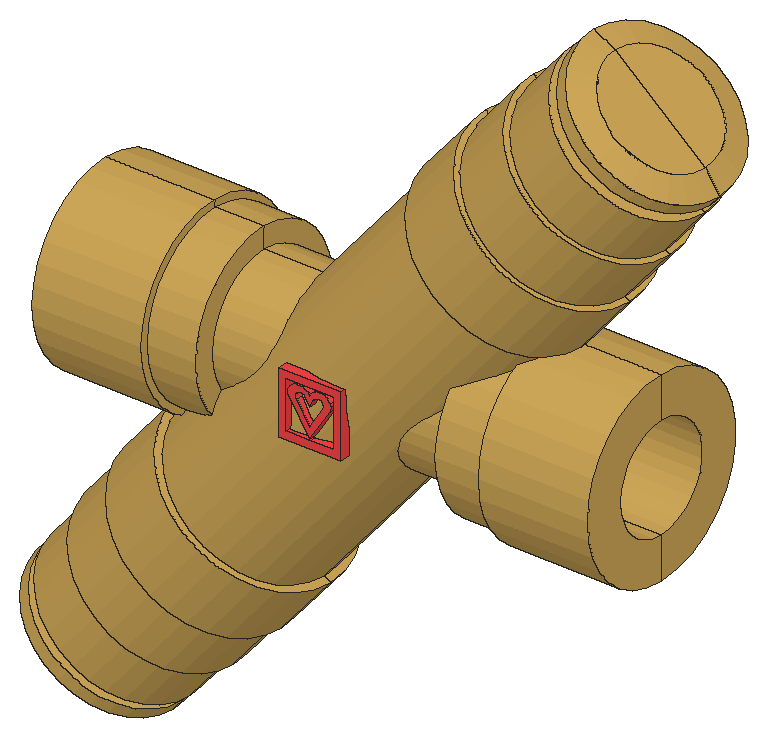
Revit family "Ограничитель температуры воды 4011", category Rohrzubehör, Revit 2019
Family settings
  Bemaßung runder Anschluss = Durchmesser verwenden
  Teiletyp = Unterbricht
  OmniClass-Nummer = 23.65.55.14
  OmniClass-Titel = Valves for Liquid Services
  Arbeitsebenenbasiert = Nein
  Immer vertikal = Ja
  Beim Laden mit Abzugskörper schneiden = Nein
  Gemeinsam genutzt = Nein
Parameters (values of type "Заводская настройка 52 и 70 °C")
  Уплотнение = "EPDM"  # constant formula
  Среда = "Питьевая вода"  # constant formula
  Примечание = "В соответствии со статьей 33 Регламента REACH (Registration; Evaluation; Authorisation; Restriction of Chemicals) (EC № 1907/2006) мы обязаны указать, что свинец внесен в список SVHC (Substances of Very High Concern - вещества очень высокой важности) и весовой процент свинца во всех латунных компонентах заводского изготовления в наших изделиях, превышает 0,1 % (w/w) (CAS: 7439-92-1 / EINECS: 231-100-4).\r\nПоскольку свинец является легирующим компонентом сплава, прямое негативное влияние исключается, и поэтому дополнительной информации о безопасном использовании не требуется."
  Номер заказа [instance] = if(and([52_70], Nennweite = 15.000 mm), 2401101, if(and([52_70], Nennweite = 20.000 mm), 2401102, if(and([55_70], Nennweite = 15.000 mm), 2401111, if(and([55_70], Nennweite = 20.000 mm), 2401112, if(and([58_70], Nennweite = 15.000 mm), 2401117, if(and([58_70], Nennweite = 20.000 mm), 2401118, 0))))))  # 2401101
  Макс. рабочее давление = 1000000.0 Pa  # constant formula
  Макс. рабочая температура = 80 °C  # constant formula
  Корпус = "CC770S"  # constant formula
  Исполнение = "HERZ-ограничитель температуры циркуляционного контура, наклонного исполнения, без покрытия, корпус изготовлен из латуни, устойчивой к селективной цинковой коррозии, седло, конус пружины, пружина изготовлены из нержавеющей хромоникелевой стали.\r\nУплотнительные кольца O-Ring изготовлены из EPDM, гигиенически безопасных материалов.\r\nВнутренняя резьба в соответствии с ISO 7/1 (Rp).\r\nИсполнение с двумя термоэлементами."
  Заводская настройка температуры [instance] = if([52_70], "52 - 70°C", if([55_70], "55 - 70°C", if([58_70], "58 - 70°C", "0")))  # "52 - 70°C"
  W03 = 25.00°  # constant formula
  W02 = 15.00°  # constant formula
  W01 = 50.00°  # constant formula
  URL = "www.herz-armaturen.ru"
  Седло, конус пружины, пружина = "нержавеющая сталь"  # constant formula
  SC_NennweiteBerechnet = 0
  SC_Dimension = ""
  SCTWSEQ = "AW;SBT_TYP_AW=\"104\";2"
  SCTWCODE = "04;26;02"  # constant formula
  S06 = 40.000 mm  # constant formula
  S05 = 15.000 mm  # constant formula
  S04 = 20.000 mm  # constant formula
  S03 = 60.000 mm  # constant formula
  S02 [instance] = S01 + 5.000 mm  # 11.750 mm
  S01 [instance] = D01 / 2  # 6.750 mm
  R01 = 5.000 mm  # constant formula
  Nennweite [instance] = 15.000 mm
  L09 = 4.500 mm  # constant formula
  L08 = 1.500 mm  # constant formula
  L07 [instance] = L03 + L05 + L06  # 58.400 mm
  L06 [instance] = size_lookup("4011_0X_", "L6", 1.000 mm, Nennweite)  # 8.900 mm
  L05 [instance] = size_lookup("4011_0X_", "L5", 1.000 mm, Nennweite)  # 10.000 mm
  L04 [instance] = size_lookup("4011_0X_", "L4", 1.000 mm, Nennweite)  # 11.000 mm
  L03 [instance] = size_lookup("4011_0X_", "L3", 1.000 mm, Nennweite)  # 39.500 mm
  L02 [instance] = size_lookup("4011_0X_", "L2", 1.000 mm, Nennweite)  # 23.000 mm
  L01 [instance] = size_lookup("4011_0X_", "L1", 1.000 mm, Nennweite)  # 15.900 mm
  L00 [instance] = size_lookup("4011_0X_", "L", 1.000 mm, Nennweite)  # 81.000 mm
  IG [instance] = Nennweite / 2  # 7.500 mm
  Hersteller = "HERZ Armaturen Ges.m.b.H."  # constant formula
  GT [instance] = size_lookup("4011_0X_", "GT", 1.000 mm, Nennweite)  # 12.000 mm
  Принцип действия = "HERZ-ограничитель температуры воды циркуляционного контура представляет собой термостатический дроссельный клапан для ограничения температуры горячей воды в контуре с циркуляционным насосом, в виде пропорционального энергонезависимого регулятора прямого действия.\r\nТемпература теплоносителя циркуляционного контура подлежит регулированию и обеспечивает распределение горячей воды на несколько стояков (если таковые имеются).\r\nС целью поддержания постоянной температуры расход циркуляционной воды ограничивается до необходимого количества и, таким образом, потери в циркуляционном контуре сводятся к минимуму.\r\nДанная арматура предназначена также для кратковременного промывания для предотвращения появления легионелл.\r\nКоличество циркуляционной воды после промывания системы опять пополняется необходимым объемом.\r\nКонус буксы может открывать или закрывать седло клапана в корпусе ограничителя.\r\nПри повышении температуры конус буксы перемещается термоэлементом медленно и плавно, без толчков, в направлении «закрыто», а при понижении температуры открывается с помощью пружины навстречу термостатическому элементу.\r\nРасширяющаяся среда в середине термостатического элемента превращает изменение температуры в изменение направления.\r\nПри термической дезинфекции второй термоэлемент расширяется и посредством штифта воздействует на прикрытый клапан – горячая вода поступает в трубопровод для дезинфекции.\r\nИсходя из модели данного ограничителя, величину утечки следует учитывать из расчёта приблизительно 0,65 л/мин при перепаде давления приблизительно 10 кПа."
  Конус буксы, букса, заглушка = "CW725N"  # constant formula
  D10 = 12.000 mm  # constant formula
  D09 = 9.200 mm  # constant formula
  D08 = 8.500 mm  # constant formula
  D07 [instance] = size_lookup("4011_0X_", "D7", 1.000 mm, Nennweite)  # 13.000 mm
  D06 [instance] = size_lookup("4011_0X_", "D6", 1.000 mm, Nennweite)  # 12.200 mm
  D05 [instance] = size_lookup("4011_0X_", "D5", 1.000 mm, Nennweite)  # 12.750 mm
  D04 [instance] = size_lookup("4011_0X_", "D4", 1.000 mm, Nennweite)  # 13.750 mm
  D03 [instance] = size_lookup("4011_0X_", "D3", 1.000 mm, Nennweite)  # 9.500 mm
  D02 [instance] = size_lookup("4011_0X_", "D2", 1.000 mm, Nennweite)  # 12.500 mm
  D01 [instance] = size_lookup("4011_0X_", "D1", 1.000 mm, Nennweite)  # 13.500 mm
  58_70 = no
  55_70 = no
  52_70 = yes
Types (4, lengths in mm): name | Номер заказа | Заводская настройка температуры | S02 | S01 | Nennweite | L07 | L06 | L05 | L04 | L03 | L02 | L01 | L00 | IG | GT | D07 | D06 | D05 | D04 | D03 | D02 | D01 | 58_70 | 55_70 | 52_70
  (no name) | 2401101 | "52 - 70°C" | 11.750 | 6.750 | 15.000 | 58.400 | 8.900 | 10.000 | 11.000 | 39.500 | 23.000 | 15.900 | 81.000 | 7.500 | 12.000 | 13.000 | 12.200 | 12.750 | 13.750 | 9.500 | 12.500 | 13.500 | no | no | yes
  Заводская настройка 52 и 70 °C | 2401101 | "52 - 70°C" | 11.750 | 6.750 | 15.000 | 58.400 | 8.900 | 10.000 | 11.000 | 39.500 | 23.000 | 15.900 | 81.000 | 7.500 | 12.000 | 13.000 | 12.200 | 12.750 | 13.750 | 9.500 | 12.500 | 13.500 | no | no | yes
  Заводская настройка 55 и 70 °C | 2401112 | "55 - 70°C" | 13.000 | 8.000 | 20.000 | 60.700 | 4.500 | 6.200 | 10.000 | 50.000 | 20.500 | 17.000 | 102.000 | 10.000 | 16.300 | 15.000 | 13.500 | 15.500 | 16.500 | 13.000 | 15.000 | 16.000 | no | yes | no
  Заводская настройка 58 и 70 °C | 2401118 | "58 - 70°C" | 13.000 | 8.000 | 20.000 | 60.700 | 4.500 | 6.200 | 10.000 | 50.000 | 20.500 | 17.000 | 102.000 | 10.000 | 16.300 | 15.000 | 13.500 | 15.500 | 16.500 | 13.000 | 15.000 | 16.000 | yes | no | no
Reference planes
  plane 1 "Mitte (Vorne/hinten)": y = 0
  plane 2: z = 0
  plane 3 "Mitte (Links/rechts)": x = 0
Forms (mm)
  Revolve 1, solid, material "Messing, weicher Gelbton, geschweißt", detail levels fine
    sketch origin (0, 0, 0) x (1, 0, 0) y (0, 0, 1)
      loop
        line (-28.5, 0) -> (28.5, 0) -> (28.5, 7.5) -> (40.5, 7.5) -> (40.5, 13.5) -> (24.6, 13.5) -> (24.6, 12.5) -> (17.5, 12.5) -> (17.5, 9.5) -> (-17.5, 9.5) -> (-17.5, 12.5) -> (-24.6, 12.5) -> (-24.6, 13.5) -> (-40.5, 13.5) -> (-40.5, 7.5) -> (-28.5, 7.5) -> (-28.5, 0)
      axis (-40.5, 0) -> (40.5, 0)
    angle from 0 to 360
  Revolve 2, solid, material "Messing, weicher Gelbton, geschweißt", detail levels fine
    sketch origin (0, 0, 0) x (1, 0, 0) y (0, 0, 1)
      loop
        line (0, 0) -> (25.39, 30.259) -> (14.857, 39.097) -> (7.786, 30.671) -> (8.552, 30.028) -> (-28.087, -13.637) -> (-28.853, -12.994) -> (-35.923, -21.42) -> (-25.39, -30.259) -> (0, 0)
      axis (25.39, 30.259) -> (-25.39, -30.259)
    angle from 0 to 360
  Revolve 3, solid, material "Messing, weicher Gelbton, geschweißt", detail levels fine
    sketch origin (0, 0, 0) x (1, 0, 0) y (0, 0, 1)
      loop
        line (0, 0) -> (37.539, 44.737) -> (28.193, 52.579) -> (22.472, 45.761) -> (21.859, 46.275) -> (15.432, 38.615) -> (21.56, 33.473) -> (-29.22, -27.045) -> (-35.349, -21.903) -> (-41.777, -29.563) -> (-41.164, -30.077) -> (-46.885, -36.895) -> (-37.539, -44.737) -> (0, 0)
      axis (-37.539, -44.737) -> (37.539, 44.737)
    angle from 0 to 360
  Revolve 4, solid, material "Messing, weicher Gelbton, geschweißt", detail levels fine
    sketch origin (0, 0, 0) x (1, 0, 0) y (0, 0, 1)
      loop
        line (0, 0) -> (40.431, 48.184) -> (33.92, 53.648) -> (30.636, 55.179) -> (29.31, 53.6) -> (31.455, 51.8) -> (30.491, 50.651) -> (33.709, 47.951) -> (-41.369, -41.523) -> (-44.586, -38.823) -> (-45.551, -39.972) -> (-47.696, -38.173) -> (-49.021, -39.752) -> (-46.943, -42.721) -> (-40.431, -48.184) -> (0, 0)
      axis (-40.431, -48.184) -> (40.431, 48.184)
    angle from 0 to 360
Lines and regions (mm)
  model lines, detail levels coarse+medium
    curve 1: line (-40.5, 0, 13.5) -> (-40.5, 0, -13.5)
    curve 2: line (-40.5, 0, -13.5) -> (40.5, 0, 13.5)
    curve 3: line (40.5, 0, 13.5) -> (40.5, 0, -13.5)
    curve 4: line (40.5, 0, -13.5) -> (-40.5, 0, 13.5)
    curve 5: circle (0, 0, 0) r 6.75 normal (0, -1, 0)
    curve 6: line (0, 0, 40) -> (0, 0, 60)
    curve 7: line (-15, 0, 60) -> (15, 0, 60)
    curve 8: line (15, 0, 60) -> (15, 0, 80)
    curve 9: line (15, 0, 80) -> (-15, 0, 80)
    curve 10: line (-15, 0, 80) -> (-15, 0, 60)
    curve 11: line (0, 0, 11.75) -> (13.173, 0, 40)
    curve 12: line (0, 0, 11.75) -> (-13.173, 0, 40)
    curve 13: line (-13.173, 0, 40) -> (13.173, 0, 40)
    curve 14: line (-40.5, 13.5, 0) -> (-40.5, -13.5, 0)
    curve 15: line (-40.5, -13.5, 0) -> (40.5, 13.5, 0)
    curve 16: line (40.5, 13.5, 0) -> (40.5, -13.5, 0)
    curve 17: line (40.5, -13.5, 0) -> (-40.5, 13.5, 0)
    curve 18: circle (0, 0, 0) r 6.75 normal (0, 0, 1)
    curve 19: line (0, 40, 0) -> (0, 60, 0)
    curve 20: line (-15, 60, 0) -> (15, 60, 0)
    curve 21: line (15, 60, 0) -> (15, 80, 0)
    curve 22: line (15, 80, 0) -> (-15, 80, 0)
    curve 23: line (-15, 80, 0) -> (-15, 60, 0)
    curve 24: line (0, 11.75, 0) -> (13.173, 40, 0)
    curve 25: line (0, 11.75, 0) -> (-13.173, 40, 0)
    curve 26: line (-13.173, 40, 0) -> (13.173, 40, 0)
Dimensions and locks
  "L00": Revolve 1 sketch curve to Revolve 1 sketch curve
  equal spacing: Revolve 1 sketch curve, plane 3 "Mitte (Links/rechts)", Revolve 1 sketch curve
  "L01": Revolve 1 sketch curve to Revolve 1 sketch curve  (x2)
  "L02": Revolve 1 sketch curve to Revolve 1 sketch curve  (x2)
  "GT": Revolve 1 sketch curve to Revolve 1 sketch curve  (x2)
  "IG": Revolve 1 sketch curve to plane 2  (x2)
  "D01": Revolve 1 sketch curve to plane 2  (x2)
  "D02": Revolve 1 sketch curve to plane 2  (x2)
  "D03": Revolve 1 sketch curve to Revolve 1 sketch curve
  equal spacing: Revolve 1, Revolve 2 sketch curve, Revolve 1  (x2)
  "L03": Revolve 2 sketch curve to Revolve 2 sketch curve  (x2)
  "L04": Revolve 2 sketch curve to Revolve 2 sketch curve  (x2)
  "D05": nested 1 to plane 1 "Mitte (Vorne/hinten)"
  "D04": Revolve 2 sketch curve to Revolve 2 sketch curve  (x2)
  "D05": Revolve 2 sketch curve to Revolve 2 sketch curve
  "L03": Revolve 3 sketch curve to Revolve 3 sketch curve  (x2)
  "L05": Revolve 3 sketch curve to Revolve 3 sketch curve  (x2)
  "L06": Revolve 3 sketch curve to Revolve 3 sketch curve  (x2)
  "D06": Revolve 3 sketch curve to Revolve 3 sketch curve  (x2)
  "D07": Revolve 3 sketch curve to Revolve 3 sketch curve  (x2)
  "R01": Revolve 3 sketch curve to Revolve 3 sketch curve
  equal spacing: Revolve 1, Revolve 3 sketch curve, Revolve 1
  equal spacing: Revolve 1, Revolve 4 sketch curve, Revolve 1
  "L07": Revolve 4 sketch curve to Revolve 4 sketch curve to Revolve 4 sketch curve
  "L08": Revolve 4 sketch curve to Revolve 4 sketch curve  (x2)
  "L09": Revolve 4 sketch curve to Revolve 4 sketch curve  (x2)
  "D08": Revolve 4 sketch curve to Revolve 4 sketch curve  (x2)
  "D09": Revolve 4 sketch curve to Revolve 4 sketch curve  (x2)
  "D10": Revolve 4 sketch curve to Revolve 4 sketch curve  (x2)
  "R01": Revolve 4 sketch curve to Revolve 4 sketch curve
  equal spacing: curve 1, plane 3 "Mitte (Links/rechts)", curve 3
  "L00": curve 1 to curve 3
  "D01": curve 4 to plane 2 to curve 2
  "D01": curve 3 to plane 2 to curve 4
  equal spacing: Revolve 1, curve 5, Revolve 1
  "S03": curve 6 to plane 2
  "S05": curve 10 to plane 3 "Mitte (Links/rechts)" to curve 8
  "S04": curve 9 to curve 7
  "S06": curve 13 to plane 2
  "S02": curve 12 to plane 2
  equal spacing: curve 14, plane 3 "Mitte (Links/rechts)", curve 16
  "L00": curve 14 to curve 16
  "D01": curve 15 to plane 1 "Mitte (Vorne/hinten)" to curve 17
  "D01": curve 17 to plane 1 "Mitte (Vorne/hinten)" to curve 16
  equal spacing: curve 14, curve 18, curve 16
  "S06": plane 1 "Mitte (Vorne/hinten)" to curve 19
  "S03": plane 1 "Mitte (Vorne/hinten)" to curve 19
  "S05": curve 23 to plane 3 "Mitte (Links/rechts)" to curve 21
  "S04": curve 22 to curve 20
  "S02": plane 1 "Mitte (Vorne/hinten)" to curve 25
  "S01": radius of curve 5
  "S01": radius of curve 18
  "W01": angle plane 2 to Revolve 3 sketch curve
  "W01": angle plane 2 to Revolve 4 sketch curve
  "W02": angle Revolve 4 sketch curve to Revolve 4 sketch curve  (x2)
  "W01": angle plane 2 to Revolve 2 sketch curve
  "W03": angle curve 11 to curve 6 to curve 12
  "W03": angle curve 24 to plane 3 "Mitte (Links/rechts)" to curve 25
  aligned and locked: level to plane 2
Automatic sketch dimensions
  curve 12 to plane 3 "Mitte (Links/rechts)" = 0.000 mm
  curve 6 to plane 3 "Mitte (Links/rechts)" = 0.000 mm
  curve 5 to level = 0.000 mm
  curve 25 to plane 3 "Mitte (Links/rechts)" = 0.000 mm
  curve 19 to plane 3 "Mitte (Links/rechts)" = 0.000 mm
  plane 1 "Mitte (Vorne/hinten)" to curve 18 = 0.000 mm
  Revolve 1 sketch curve to level = 0.000 mm  (x2)
  Revolve 1 sketch curve to Revolve 1 sketch curve = 1466.030 mm
  Revolve 1 sketch curve to Revolve 1 sketch curve = 1798.648 mm
  Revolve 2 sketch curve to level = 0.000 mm  (x2)
  Revolve 3 sketch curve to level = 0.000 mm
  Revolve 3 sketch curve to Revolve 3 sketch curve = 0.000 mm  (x4)
  Revolve 4 sketch curve to level = 0.000 mm
  Revolve 4 sketch curve to Revolve 4 sketch curve = 0.000 mm  (x4)
Nested families
  nested 1: "Herz-Logo-vorne" at (0, -12.75, 0) x (0, 1, 0) z (0, 0, 1), type "Herz-Logo-vorne", detail levels fine
Connectors
  piping at (-28.5, 0, 0), diameter 15, driven by "Nennweite"
    settings: on Revolve 1, index 1, connector inside diameter 609.6 mm, connector length 0.000 mm, flow factor 0, pipe flow 0.0 L/s, pressure drop 0.0 Pa, fitting loss kfactor 0, connector angle 0.00°, fixture units 0, engagement length 0.000 mm, angle of deflection 0.00°, flow configuration 0, flow direction 1, fitting loss method 0, system type 29, joint type 0, gender type 0, connector reference index -1, connector utility 0, adjustable connector no, is connector primary yes, connector description ""
  piping at (28.5, 0, 0), diameter 15, driven by "Nennweite"
    settings: on Revolve 1, index 2, connector inside diameter 609.6 mm, connector length 0.000 mm, flow factor 0, pipe flow 0.0 L/s, pressure drop 0.0 Pa, fitting loss kfactor 0, connector angle 0.00°, fixture units 0, engagement length 0.000 mm, angle of deflection 0.00°, flow configuration 0, flow direction 2, fitting loss method 0, system type 29, joint type 0, gender type 0, connector reference index -1, connector utility 0, adjustable connector no, is connector primary no, connector description ""
Definition of nested family "Herz-Logo-vorne"
  Reference planes
    plane 1 "Mitte (Vorne/hinten)": y = 0
    plane 2: z = 0
    plane 3 "Mitte (Links/rechts)": x = 0
  Forms (mm)
    Extrusion 1, solid
      sketch origin (0.732, -0.018, 0.017) x (0, -1, 0) y (0, 0, 1)
        loop
          line (-0.018, -4.517) -> (4.482, -4.517) -> (4.482, 4.483) -> (-4.518, 4.483) -> (-4.518, -4.517) -> (-0.018, -4.517)
        loop
          line (-0.05, -3.48) -> (3.482, -3.48) -> (3.482, 3.483) -> (-3.518, 3.483) -> (-3.518, -3.48) -> (-0.05, -3.48)
        loop
          arc (-0.018, 2.383) -> (-1.543, 3.287) -> (-3.067, 2.383) r 1.738
          arc (-3.067, 2.383) -> (-3.191, 1.899) -> (-3.067, 1.415) r 1.009
          line (-3.067, 1.415) -> (-0.018, -3.281) -> (3.032, 1.415)
          arc (3.032, 1.415) -> (3.156, 1.899) -> (3.032, 2.383) r 1.009
          arc (3.032, 2.383) -> (1.507, 3.287) -> (-0.018, 2.383) r 1.738
        loop
          arc (1.885, 1.272) -> (2.005, 1.675) -> (1.885, 2.079) r 0.74
          arc (1.885, 2.079) -> (1.265, 2.416) -> (0.644, 2.079) r 0.74
          line (0.644, 2.079) -> (-0.018, 0.97) -> (-0.679, 2.079)
          arc (-0.679, 2.079) -> (-1.3, 2.416) -> (-1.921, 2.079) r 0.74
          arc (-1.921, 2.079) -> (-2.04, 1.675) -> (-1.921, 1.272) r 0.74
          line (-1.921, 1.272) -> (-0.018, -1.658) -> (1.885, 1.272)
      from 0 to 1.5
  Dimensions and locks
    aligned and locked: level to plane 2
